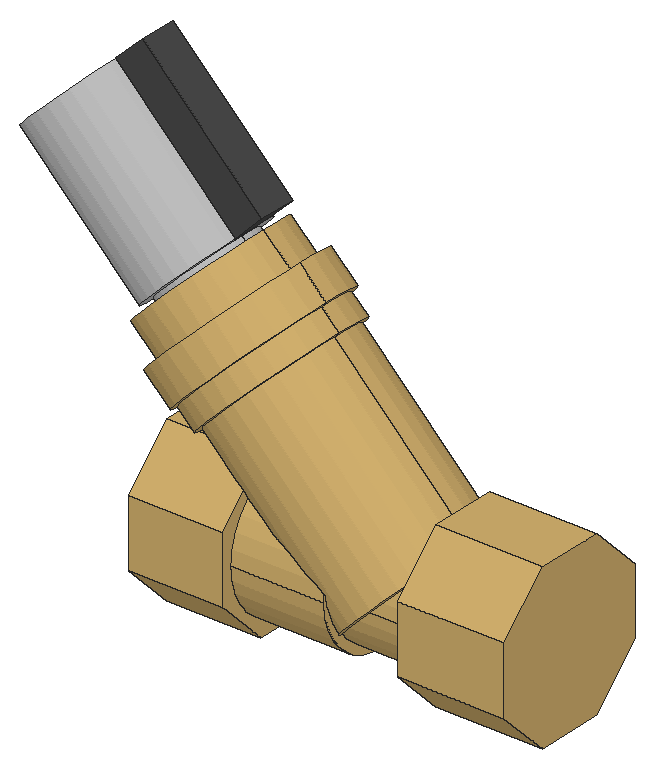
Revit family "FVR-D_DN15-DN50_RFA", category Pipe Accessories, Revit 2017
Family settings
  Round Connector Dimension = Use Diameter
  Part Type = Valve - Breaks Into
  Work Plane-Based = No
  Always vertical = Yes
  Cut with Voids When Loaded = No
  Shared = No
Parameters (values of type "FVR-D_DN15_Kvs 4_065B8241")
  URL = "https://store.danfoss.com/en/Heating-and-District-Energy/Strainers/Strainers-for-Heating-and-Cooling/c/4072?q=%3Arelevance%3Adanfoss_producttypehierarchydesc%3Adf930256391885bdd3967465ff1e18a93853fc5f&page=0&pageSize=10"
  Pressure Drop [instance] = 0.0 Pa
  OD_L1 = -(OD_L + 2 mm)  # -17 mm
  OD_L+2 = OD_L + 2 mm  # 17 mm
  OD_L = 15 mm
  OD = D + 11 mm  # 25.99 mm
  Number of meshes = "50/cm2"  # constant formula
  Nominal Pressure = "PN 25"  # constant formula
  Model Type = "FVR-D_DN15_Kvs 4.0"
  Model = "065B8241"
  Min Medium Temperature = "-15°C"  # constant formula
  Mesh Size = "500 μm"  # constant formula
  Max Medium Temperature = "130°C"  # constant formula
  Manufacturer = "Danfoss"  # constant formula
  L_2 = L / 2  # 29.985 mm
  LOD 350 = not(LOD 200)  # yes
  LOD 200 = no
  L2 = 84 mm
  L1 = 24 mm
  L = 59.969 mm
  Kvs = 4.0 m³/h
  IfcExportType = "Strainer_FVR-D"  # constant formula
  IfcExportAs = "IfcValveType"  # constant formula
  H1 = 60 mm
  H = 39 mm
  Flow [instance] = 0.0 m³/h
  Description = "Strainer"  # constant formula
  D4_2 = (D + 13 mm) / 2  # 13.995 mm
  D3_2 = (D + 11 mm) / 2  # 12.995 mm
  D2_2 = (D + 9 mm) / 2  # 11.995 mm
  D1_2 = (D + 9 mm) / 2  # 11.995 mm
  D1-1 = D1 + 3 mm  # 22.99 mm
  D1 = 19.99 mm
  D = D1 - 5 mm  # 14.99 mm
  Connection = "Internal thread Rp"  # constant formula
  Body Material = Danfoss Brass
  A_H1 = 75 mm
  A_H = A_H1 - 28 mm  # 47 mm
  A = 45.00°
Types (7, lengths in mm): name | OD_L1 | OD_L+2 | OD_L | OD | Model Type | Model | L_2 | L2 | L1 | L | Kvs | H1 | H | D4_2 | D3_2 | D2_2 | D1_2 | D1-1 | D1 | D | A_H1 | A_H
  (no name) | -17 | 17 | 15 | 25.99 | "FVR-D_DN15_Kvs 4.0" | "065B8241" | 29.985 | 84 | 24 | 59.969 | 4.0 m³/h | 60 | 39 | 13.995 | 12.995 | 11.995 | 11.995 | 22.99 | 19.99 | 14.99 | 75 | 47
  FVR-D_DN15_Kvs 4_065B8241 | -17 | 17 | 15 | 25.99 | "FVR-D_DN15_Kvs 4.0" | "065B8241" | 29.985 | 84 | 24 | 59.969 | 4.0 m³/h | 60 | 39 | 13.995 | 12.995 | 11.995 | 11.995 | 22.99 | 19.99 | 14.99 | 75 | 47
  FVR-D_DN20_Kvs 8_065B8242 | -18.3 | 18.3 | 16.3 | 31 | "FVR-D_DN20_Kvs 8.0" | "065B8242" | 40.5 | 93 | 27 | 81 | 8.0 m³/h | 66 | 49 | 16.5 | 15.5 | 14.5 | 14.5 | 28 | 25 | 20 | 83 | 55
  FVR-D_DN25_Kvs 10_065B8243 | -21.1 | 21.1 | 19.1 | 36 | "FVR-D_DN25_Kvs 10" | "065B8243" | 48.5 | 105 | 34 | 97 | 10.0 m³/h | 72 | 57 | 19 | 18 | 17 | 17 | 33 | 30 | 25 | 91 | 63
  FVR-D_DN32_Kvs 15_065B8244 | -23.4 | 23.4 | 21.4 | 43 | "FVR-D_DN32_Kvs 15" | "065B8244" | 52 | 111 | 31 | 104 | 15.0 m³/h | 80 | 66 | 22.5 | 21.5 | 20.5 | 20.5 | 40 | 37 | 32 | 103 | 75
  FVR-D_DN40_Kvs 21_065B8245 | -24 | 24 | 22 | 51 | "FVR-D_DN40_Kvs 21" | "065B8245" | 59 | 122 | 36 | 118 | 21.0 m³/h | 87 | 74 | 26.5 | 25.5 | 24.5 | 24.5 | 48 | 45 | 40 | 112 | 84
  FVR-D_DN50_Kvs 32_065B8246 | -28.3 | 28.3 | 26.3 | 61 | "FVR-D_DN50_Kvs 32" | "065B8246" | 72.5 | 150 | 45 | 145 | 32.0 m³/h | 105 | 94 | 31.5 | 30.5 | 29.5 | 29.5 | 58 | 55 | 50 | 137 | 109
Reference planes
  plane 1 "Center (Front/Back)": y = 0
  plane 2: z = 0
  plane 3 "Center (Left/Right)": x = 0
  plane 4 "A": x = -35.969
  plane 5 "B": x = 24
  plane 6: z = -9.995
  plane 7: z = 9.995
  plane 8: y = -9.995
  plane 9: y = 9.995
  plane 10: x = -5.985
  plane 11 "30 Plane A": through (3.734, -1524, 3.734) normal (-0.7071, 0, 0.7071)
  plane 12: y = 0
  plane 13: y = -12.995
  plane 14: y = 12.995
  plane 15: z = -12.995
  plane 16: z = 12.995
  plane 17 "Angle 25": through (4.187, -1524, -4.187) normal (-0.7071, 0, -0.7071)
  plane 18: through (-4.294, -1524, -12.669) normal (-0.7071, 0, -0.7071)
  plane 19: through (-5.001, -1524, -13.376) normal (-0.7071, 0, -0.7071)
  plane 20 "Angle 45 plane": through (-83.102, -1524, -16.634) normal (-0.7071, 0, 0.7071)
  plane 21: z = 39
  plane 22: through (-78.859, -1524, -20.877) normal (-0.7071, 0, 0.7071)
  plane 23: through (-74.617, -1524, -25.119) normal (-0.7071, 0, 0.7071)
  plane 24: through (-71.788, -1524, -27.948) normal (-0.7071, 0, 0.7071)
  plane 25: through (-5.708, -1524, -14.083) normal (-0.7071, 0, -0.7071)
  plane 26: through (-4.294, -1524, -12.669) normal (-0.7071, 0, -0.7071)
  plane 27: through (-102.901, -1524, 3.165) normal (-0.7071, 0, 0.7071)
  plane 28: z = 60
  plane 29: x = -60
  plane 30 "Angle 25-offset 10": through (11.259, -1524, 2.884) normal (-0.7071, 0, -0.7071)
Forms (mm)
  Extrusion 1, solid, material "Danfoss Brass" <- "Body Material", visible <- "LOD 350", detail levels fine
    sketch origin (0, 0, 0) x (0, 1, 0) y (0, 0, 1)
      loop
        circle (0, 0) r 9.995
    from -5.985 to 24
  Extrusion 2, solid, material "Danfoss Brass" <- "Body Material", visible <- "LOD 350", detail levels fine
    sketch origin (-35.969, 0, 0) x (0, 1, 0) y (0, 0, 1)
      loop
        line (5.383, 12.995) -> (-5.383, 12.995) -> (-12.995, 5.383) -> (-12.995, -5.383) -> (-5.383, -12.995) -> (5.383, -12.995) -> (12.995, -5.383) -> (12.995, 5.383) -> (5.383, 12.995)
    from 0 to 15 <- "OD_L"
  Extrusion 3, solid, material "Danfoss Brass" <- "Body Material", visible <- "LOD 350", detail levels fine
    sketch origin (24, 0, 0) x (0, 1, 0) y (0, 0, 1)
      loop
        line (-5.383, 12.995) -> (-12.995, 5.383) -> (-12.995, -5.383) -> (-5.383, -12.995) -> (5.383, -12.995) -> (12.995, -5.383) -> (12.995, 5.383) -> (5.383, 12.995) -> (-5.383, 12.995)
    from 0 to -17 <- "OD_L1"
  Revolve 4, solid, material "Danfoss Brass" <- "Body Material", visible <- "LOD 350", detail levels fine
    sketch origin (0, 0, 0) x (1, 0, 0) y (0, 0, 1)
      loop
        line (-8.482, -8.482) -> (0, 0) -> (-33.234, 33.234) -> (-41.716, 24.752) -> (-37.473, 20.51) -> (-38.887, 19.095) -> (-34.645, 14.853) -> (-33.938, 15.56) -> (-31.109, 12.732) -> (-30.402, 13.439) -> (-8.482, -8.482)
      axis (-33.234, 33.234) -> (0, 0)
    angle from 0 to 360
  Extrusion 5, solid, material "Danfoss Brass" <- "Body Material", visible <- "LOD 350", detail levels fine
    sketch origin (24, 0, 0) x (0, 1, 0) y (0, 0, 1)
      loop
        circle (0, 0) r 11.495
    from -59.969 to -29.985
  Revolve 6, solid, material "Brass", detail levels fine
    sketch origin (0, 0, 0) x (1, 0, 0) y (0, 0, 1)
      loop
        line (-33.234, 33.234) -> (-53.033, 53.033) -> (-60.104, 45.962) -> (-41.012, 26.87) -> (-39.598, 28.284) -> (-38.891, 27.577) -> (-33.234, 33.234)
      axis (-53.033, 53.033) -> (-33.234, 33.234)
    angle from 0 to 360
  Extrusion 7, solid, material "Plastic - Danfoss - Black", visible <- "LOD 350", detail levels fine
    sketch origin (0, 0, 0) x (0.707107, 0, -0.707107) y (0, -1, 0)
      loop
        line (-75, -2.995) -> (-48, -2.995) -> (-48, 2.995) -> (-75, 2.995) -> (-75, -2.995)
    from -10 to -16
  Extrusion 8, solid, material "Danfoss Brass" <- "Body Material", visible <- "LOD 200", detail levels fine
    sketch origin (0, 0, 0) x (0, 1, 0) y (0, 0, 1)
      loop
        circle (0, 0) r 12.995
    from -35.969 to 24
  Revolve 9, solid, material "Danfoss Brass" <- "Body Material", visible <- "LOD 200", detail levels fine
    sketch origin (0, 0, 0) x (1, 0, 0) y (0, 0, 1)
      loop
        line (0, 0) -> (-33.234, 33.234) -> (-43.13, 23.338) -> (-9.896, -9.896) -> (0, 0)
      axis (-33.234, 33.234) -> (0, 0)
    angle from 0 to 360
Cuts and joins
  joined: Extrusion 1, Extrusion 2, Extrusion 3
Lines and regions (mm)
  reference lines
    curve 1: line (0, 0, 0) -> (-74.301, 0, 74.301)
    curve 2: line (0, 0, 0) -> (57.903, 0, 57.903)
Dimensions and locks
  equal spacing: plane 7, level, plane 6
  "L": plane 5 "B" to plane 4 "A"
  "D1": plane 7 to plane 6
  equal spacing: plane 8, plane 1 "Center (Front/Back)", plane 9
  "D1": plane 8 to plane 9
  equal spacing: Extrusion 2 sketch curve, plane 12, Extrusion 2 sketch curve  (x2)
  equal spacing: Extrusion 3 sketch curve, plane 1 "Center (Front/Back)", Extrusion 3 sketch curve  (x2)
  "D2_2": plane 18 to plane 17 "Angle 25"
  "D3_2": plane 19 to plane 17 "Angle 25"
  "H": plane 21 to level
  "A_H": plane 20 "Angle 45 plane" to plane 11 "30 Plane A"
  locked: plane 20 "Angle 45 plane" to plane 22 at 6
  locked: plane 22 to plane 23 at 6
  locked: plane 23 to plane 24 at 4
  "D4_2": plane 25 to plane 17 "Angle 25"
  "D1_2": plane 26 to plane 17 "Angle 25"
  equal spacing: plane 13, plane 1 "Center (Front/Back)", plane 14
  equal spacing: plane 16, level, plane 15
  "OD": plane 16 to plane 15
  "OD": plane 13 to plane 14
  "OD": Extrusion 2 sketch curve to Extrusion 2 sketch curve  (x2)
  "OD": Extrusion 3 sketch curve to Extrusion 3 sketch curve  (x2)
  "A_H1": plane 27 to plane 11 "30 Plane A"
  plane 17 "Angle 25" to Revolve 6 sketch curve = 8 mm
  plane 17 "Angle 25" to Revolve 6 sketch curve = 10 mm
  locked: Revolve 6 sketch curve to plane 20 "Angle 45 plane" at 1
  "L2": plane 5 "B" to plane 29
  "H1": plane 28 to level
  locked: plane 17 "Angle 25" to plane 30 "Angle 25-offset 10" at 10
  Extrusion 7 sketch curve to Extrusion 7 sketch curve = 5.99 mm  (x2)
  "L1": plane 5 "B" to plane 3 "Center (Left/Right)"
  "L_2": plane 5 "B" to plane 10
  "D1": diameter of Extrusion 1 sketch curve
  "D1-1": diameter of Extrusion 5 sketch curve
  "OD": diameter of Extrusion 8 sketch curve
  locked: Extrusion 2 sketch curve to Extrusion 2 sketch curve (angle 135.00°)  (x4)
  locked: Extrusion 3 sketch curve to Extrusion 3 sketch curve (angle 135.00°)  (x4)
  angle plane 11 "30 Plane A" to plane 17 "Angle 25" = 90.00°
  "A": angle plane 2 to curve 2
  locked: curve 2 to curve 1 (angle 90.00°)
  aligned and locked: level to plane 2
  aligned and locked: plane 5 "B" to Extrusion 1
  aligned and locked: connector elem to plane 12
  aligned and locked: plane 16 to Extrusion 2 sketch curve
  aligned and locked: plane 14 to Extrusion 2 sketch curve
  aligned and locked: plane 15 to Extrusion 2 sketch curve
  aligned and locked: plane 13 to Extrusion 2 sketch curve
  aligned and locked: Extrusion 3 sketch curve to cut or joined group of Extrusion 1, Extrusion 2, Extrusion 3  (x5)
  aligned and locked: Extrusion 3 sketch curve to plane 16
  aligned and locked: Revolve 4 sketch curve to plane 11 "30 Plane A"
  aligned and locked: Revolve 4 sketch curve to plane 17 "Angle 25"
  aligned and locked: plane 17 "Angle 25" to Revolve 4 sketch curve
  aligned and locked: Revolve 4 sketch curve to plane 18
  aligned and locked: Revolve 4 sketch curve to plane 22
  aligned and locked: Revolve 4 sketch curve to plane 23
  aligned and locked: Revolve 4 sketch curve to plane 25
  aligned and locked: Revolve 4 sketch curve to plane 19
  aligned and locked: Revolve 4 sketch curve to plane 24
  aligned and locked: Extrusion 5 to plane 4 "A"
  aligned and locked: Revolve 4 sketch curve to plane 20 "Angle 45 plane"
  aligned and locked: Revolve 4 sketch curve to plane 26
  aligned and locked: Revolve 6 sketch curve to plane 17 "Angle 25"
  aligned and locked: Revolve 6 sketch curve to plane 20 "Angle 45 plane"
  aligned and locked: Revolve 6 sketch curve to plane 27
  aligned and locked: Revolve 6 sketch curve to Revolve 6 sketch curve  (x2)
  aligned and locked: plane 30 "Angle 25-offset 10" to Extrusion 7
  aligned and locked: plane 27 to Extrusion 7
  aligned and locked: Revolve 6 to Extrusion 7
  aligned and locked: plane 17 "Angle 25" to curve 1
  aligned and locked: plane 11 "30 Plane A" to curve 2
  aligned and locked: plane 10 to Extrusion 5
  aligned and locked: Extrusion 1 to plane 10
  aligned and locked: Extrusion 8 to plane 4 "A"
  aligned and locked: plane 5 "B" to Extrusion 8
  aligned and locked: Revolve 9 sketch curve to plane 17 "Angle 25"
  aligned and locked: Revolve 9 sketch curve to plane 11 "30 Plane A"
  aligned and locked: Revolve 9 sketch curve to plane 25
  aligned and locked: Revolve 9 sketch curve to plane 20 "Angle 45 plane"
  aligned and locked: Revolve 9 sketch curve to Revolve 9 sketch curve  (x2)
  aligned and locked: plane 4 "A" to nested 1
  aligned and locked: plane 12 to nested 1
  aligned and locked: nested 1 to plane 2
Automatic sketch dimensions
  Revolve 4 sketch curve to level = 0 mm
  plane 16 to Revolve 4 sketch curve = 11.737 mm
  plane 20 "Angle 45 plane" to Revolve 6 sketch curve = 0 mm
  plane 27 to Extrusion 7 sketch curve = 0 mm
  plane 20 "Angle 45 plane" to Extrusion 7 sketch curve = 1 mm
  Revolve 9 sketch curve to level = 0 mm
  Extrusion 1 sketch curve to level = 0 mm
  Extrusion 1 sketch curve to plane 1 "Center (Front/Back)" = 0 mm
  Extrusion 5 sketch curve to level = 0 mm
  Extrusion 5 sketch curve to plane 1 "Center (Front/Back)" = 0 mm
  Extrusion 8 sketch curve to level = 0 mm
  Extrusion 8 sketch curve to plane 1 "Center (Front/Back)" = 0 mm
Nested families
  nested 1: "Schematic_Strainer" at (-5.985, 0, 0), type "Schematic_Strainer", detail levels coarse+medium
Connectors
  piping at (24, 0, 0), diameter 14.99, driven by "D", driven by "Flow"
    settings: on cut or joined group of Extrusion 1, Extrusion 2, Extrusion 3, index 1, connector inside diameter 609.6 mm, connector length 0 mm, flow factor 0, pipe flow 0.0 m³/h, pressure drop 0.0 Pa, fitting loss kfactor 0, connector angle 0.00°, fixture units 0, engagement length 0 mm, angle of deflection 0.00°, flow configuration 0, flow direction 1, fitting loss method 0, system type 7, joint type 0, gender type 0, connector reference index 2, connector utility 0, adjustable connector no, is connector primary yes, connector description ""
  piping at (-35.969, 0, 0), diameter 14.99, driven by "D", driven by "Flow"
    settings: on cut or joined group of Extrusion 1, Extrusion 2, Extrusion 3, index 2, connector inside diameter 609.6 mm, connector length 0 mm, flow factor 0, pipe flow 0.0 m³/h, pressure drop 0.0 Pa, fitting loss kfactor 0, connector angle 0.00°, fixture units 0, engagement length 0 mm, angle of deflection 0.00°, flow configuration 0, flow direction 2, fitting loss method 0, system type 7, joint type 0, gender type 0, connector reference index 1, connector utility 0, adjustable connector no, is connector primary no, connector description ""
Definition of nested family "Schematic_Strainer"
  Parameters (values of type "Schematic_Strainer")
    L2 = L * 2 / 5  # 30 mm
    L1 = L2 / 7  # 4.286 mm
    L = 75 mm
    H1 = H * 2 / 7  # 10.714 mm
    H = L / 2  # 37.5 mm
    D1 = L / 3  # 25 mm
  Reference planes
    plane 1 "Center (Front/Back)": y = 0
    plane 2: z = 0
    plane 3 "Center (Left/Right)": x = 0
    plane 4: z = 12.5
    plane 5: z = -12.5
    plane 6: x = -37.5
    plane 7: x = 37.5
    plane 8: z = 37.5
    plane 9: x = -4.286
    plane 10: x = -30
    plane 11: y = 12.5
    plane 12: y = -12.5
    plane 13: y = 37.5
    plane 14: z = 26.786
  Lines and regions (mm)
    model lines
      curve 1: line (-37.5, 0, 12.5) -> (-37.5, 0, -12.5)
      curve 2: line (37.5, 0, 12.5) -> (37.5, 0, -12.5)
      curve 5: line (-37.5, 0, 0) -> (37.5, 0, 0)
      curve 7: line (0, 0, 0) -> (-17.207, 0, 24.575)
      curve 8: line (-30, 0, 15.617) -> (-4.286, 0, 33.622)
    symbolic lines
      curve 3: line (-37.5, 12.5, 0) -> (-37.5, -12.5, 0)
      curve 4: line (37.5, 12.5, 0) -> (37.5, -12.5, 0)
      curve 6: line (-37.5, 0, 0) -> (37.5, 0, 0)
      curve 9: line (0, 0, 0) -> (-17.207, 24.575, 0)
      curve 10: line (-30, 15.617, 0) -> (-4.286, 33.622, 0)
  Dimensions and locks
    equal spacing: plane 4, level, plane 5
    "D1": plane 4 to plane 5
    equal spacing: plane 7, plane 3 "Center (Left/Right)", plane 6
    "L": plane 7 to plane 6
    "H": plane 8 to plane 2
    "L2": plane 3 "Center (Left/Right)" to plane 10
    "H": plane 1 "Center (Front/Back)" to plane 13
    equal spacing: plane 12, plane 1 "Center (Front/Back)", plane 11
    "D1": plane 12 to plane 11
    "L1": plane 3 "Center (Left/Right)" to plane 9
    "L2": curve 7 to curve 7
    "L2": curve 9 to curve 9
    angle plane 2 to curve 7 = 125.00°
    angle plane 1 "Center (Front/Back)" to curve 9 = 125.00°
    aligned and locked: level to plane 2
    aligned and locked: curve 6 to curve 5
    aligned and locked: plane 10 to curve 8
    aligned and locked: plane 9 to curve 8
    aligned and locked: curve 1 to plane 6
    aligned and locked: curve 2 to plane 7
    aligned and locked: plane 4 to curve 1
    aligned and locked: plane 4 to curve 2
    aligned and locked: plane 5 to curve 1
    aligned and locked: plane 5 to curve 2
  Automatic sketch dimensions
    curve 7 to level = 0 mm
    curve 7 to plane 3 "Center (Left/Right)" = 0 mm
    curve 3 to plane 6 = 0 mm
    curve 10 to plane 10 = 0 mm
    curve 10 to plane 9 = 0 mm
    curve 9 to plane 3 "Center (Left/Right)" = 0 mm
    curve 4 to plane 7 = 0 mm
    plane 12 to curve 3 = 0 mm
    plane 12 to curve 4 = 0 mm
    plane 11 to curve 3 = 0 mm
    plane 11 to curve 4 = 0 mm
    curve 10 to plane 11 = 3.117 mm
    plane 13 to curve 10 = 3.878 mm
